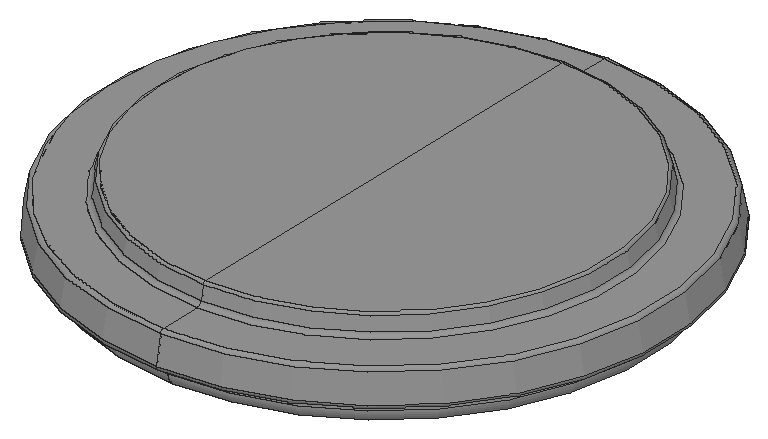
Revit family "FMK12_63_UN_Surface-mounted_ETK", category Lighting Fixtures, Revit 2017 (continued)
Definition of nested family "FMK.1 - Lightsource"
  Types (13, lengths in mm): name | Wattage Comments | Photometric Web File | built-in parameter 1150142 | Apparent Load
    FMK.1239.10N - Ø300x40 / 18W | "18W" | "FMK.1239.10n.ies" | "IESNA:LM-63-2002\r\n[TEST] /2014\r\n[TESTLAB] ies2eulumdat.appspot.com\r\n[ISSUEDATE] 2021-06-16T09:02:18.810\r\n[MANUFAC] www.etk.nl\r\n[LUMCAT] FMK.1209.10\r\n[LUMINAIRE] FMK.1 LED 18W 3000/4000/5700K ø300 niet dimbaar\r\n[LAMPCAT] LED\r\n[LAMP] LED\r\nTILT=NONE\r\n1\t1710\t1\t46\t180\t1\t2\t-0.300\t-0.300\t0\r\n1.0\t1.0\t18.30\r\n0\t 2\t 4\t 6\t 8\t 10\t 12\t 14\t 16\t 18\r\n20\t 22\t 24\t 26\t 28\t 30\t 32\t 34\t 36\t 38\r\n40\t 42\t 44\t 46\t 48\t 50\t 52\t 54\t 56\t 58\r\n60\t 62\t 64\t 66\t 68\t 70\t 72\t 74\t 76\t 78\r\n80\t 82\t 84\t 86\t 88\t 90\r\n0\t 2\t 4\t 6\t 8\t 10\t 12\t 14\t 16\t 18\r\n20\t 22\t 24\t 26\t 28\t 30\t 32\t 34\t 36\t 38\r\n40\t 42\t 44\t 46\t 48\t 50\t 52\t 54\t 56\t 58\r\n60\t 62\t 64\t 66\t 68\t 70\t 72\t 74\t 76\t 78\r\n80\t 82\t 84\t 86\t 88\t 90\t 92\t 94\t 96\t 98\r\n100\t 102\t 104\t 106\t 108\t 110\t 112\t 114\t 116\t 118\r\n120\t 122\t 124\t 126\t 128\t 130\t 132\t 134\t 136\t 138\r\n140\t 142\t 144\t 146\t 148\t 150\t 152\t 154\t 156\t 158\r\n160\t 162\t 164\t 166\t 168\t 170\t 172\t 174\t 176\t 178\r\n180\t 182\t 184\t 186\t 188\t 190\t 192\t 194\t 196\t 198\r\n200\t 202\t 204\t 206\t 208\t 210\t 212\t 214\t 216\t 218\r\n220\t 222\t 224\t 226\t 228\t 230\t 232\t 234\t 236\t 238\r\n240\t 242\t 244\t 246\t 248\t 250\t 252\t 254\t 256\t 258\r\n260\t 262\t 264\t 266\t 268\t 270\t 272\t 274\t 276\t 278\r\n280\t 282\t 284\t 286\t 288\t 290\t 292\t 294\t 296\t 298\r\n300\t 302\t 304\t 306\t 308\t 310\t 312\t 314\t 316\t 318\r\n320\t 322\t 324\t 326\t 328\t 330\t 332\t 334\t 336\t 338\r\n340\t 342\t 344\t 346\t 348\t 350\t 352\t 354\t 356\t 358\r\n\r\n604.9325\t603.2919\t601.6514\t598.9367\t595.1481\t591.3474\t584.4074\t577.4673\t570.5271\t563.5989\r\n556.6589\t546.0716\t535.4844\t524.9091\t514.322\t503.7347\t489.8782\t476.0098\t462.1414\t448.2731\r\n434.4164\t417.5148\t400.6012\t383.6995\t366.7979\t349.8961\t330.7164\t311.5251\t292.3454\t273.1539\r\n253.9742\t234.7827\t215.6031\t196.4116\t177.2319\t158.0404\t0\t0\t0\t0\r\n0\t0\t0\t0\t0\t0\r\n604.9325\t603.303\t601.6736\t598.9672\t595.1776\t591.371\t584.4474\t577.518\t570.5942\t563.6772\r\n556.7804\t546.2089\t535.6382\t525.0562\t514.4711\t503.9096\t490.0793\t476.249\t462.4177\t448.5869\r\n434.7567\t417.8553\t400.9346\t384.014\t367.0954\t350.1887\t331.0138\t311.8383\t292.6629\t273.4839\r\n254.309\t235.1337\t215.9576\t196.7709\t177.5953\t158.8079\t0.4083\t0\t0\t0\r\n0\t0\t0\t0\t0\t0\r\n604.9325\t603.316\t601.6989\t599.0015\t595.1958\t591.3698\t584.4843\t577.5711\t570.6711\t563.7586\r\n556.8947\t546.3551\t535.7596\t525.1644\t514.5799\t504.0319\t490.2428\t476.4007\t462.5425\t448.6943\r\n434.9048\t418.0625\t401.1696\t384.2789\t367.3894\t350.5392\t331.4019\t312.225\t293.0468\t273.8823\r\n254.7052\t235.5402\t216.3663\t197.1991\t178.024\t160.3893\t1.6616\t0\t0\t0\r\n0\t0\t0\t0\t0\t0\r\n604.9325\t603.3306\t601.7275\t599.0433\t595.2312\t591.4156\t584.5657\t577.6625\t570.7544\t563.8431\r\n557.0019\t546.5201\t535.9272\t525.353\t514.7657\t504.264\t490.5226\t476.6557\t462.7667\t448.8924\r\n435.124\t418.3554\t401.4707\t384.5722\t367.6697\t350.8303\t331.7467\t312.5747\t293.4071\t274.2312\r\n255.0699\t235.9111\t216.7553\t197.6045\t178.4467\t162.6446\t3.8393\t0\t0\t0\r\n0\t0\t0\t0\t0\t0\r\n604.9325\t603.3467\t601.7784\t599.0852\t595.2744\t591.4839\t584.6789\t577.7818\t570.8609\t563.9373\r\n557.1543\t546.7354\t536.1372\t525.529\t514.8988\t504.4471\t490.789\t476.9063\t463.0292\t449.1418\r\n435.4474\t418.7539\t401.8361\t384.8952\t367.9622\t351.1523\t332.1531\t312.9933\t293.8363\t274.6741\r\n255.5041\t236.3482\t217.1967\t198.0491\t178.904\t165.4825\t7.0717\t0\t0\t0\r\n0\t0\t0\t0\t0\t0\r\n604.9325\t603.3646\t601.8109\t599.1301\t595.3254\t591.5822\t584.8149\t577.9154\t571.003\t564.0375\r\n557.2822\t546.9546\t536.3271\t525.6894\t515.0537\t504.6554\t491.1358\t477.2379\t463.3307\t449.4155\r\n435.7478\t419.1745\t402.2081\t385.2544\t368.2909\t351.5211\t332.6242\t313.4509\t294.2734\t275.1156\r\n255.9625\t236.8063\t217.6543\t198.5095\t179.3715\t168.6886\t11.5411\t0\t0\t0\r\n0\t0\t0\t0\t0\t0\r\n604.9325\t603.3841\t601.8434\t599.178\t595.3834\t591.6781\t584.976\t578.0752\t571.1133\t564.0963\r\n557.383\t547.1909\t536.5313\t525.8766\t515.2136\t504.8691\t491.4968\t477.5392\t463.5748\t449.6118\r\n435.9498\t419.5755\t402.6015\t385.6298\t368.6616\t351.9183\t333.1605\t313.9425\t294.7654\t275.5923\r\n256.4278\t237.2774\t218.1312\t198.9956\t179.8672\t172.0139\t17.4822\t0\t0\t0\r\n0\t0\t0\t0\t0\t0\r\n604.9325\t603.4053\t601.8759\t599.2285\t595.4497\t591.7812\t585.1731\t578.2085\t571.1927\t564.1664\r\n557.4629\t547.4497\t536.7769\t526.0887\t515.3685\t505.002\t491.8629\t477.8739\t463.8657\t449.8384\r\n436.2083\t420.1244\t403.1335\t386.0845\t369.0368\t352.2643\t333.7051\t314.4923\t295.2823\t276.0978\r\n256.9176\t237.7601\t218.6225\t199.4936\t180.379\t175.1597\t25.1927\t0\t0\t0\r\n0\t0\t0\t0\t0\t0\r\n604.9325\t603.4593\t601.9085\t599.2738\t595.5244\t591.9079\t585.3373\t578.316\t571.3136\t564.2514\r\n557.5412\t547.753\t537.0529\t526.317\t515.5469\t505.1567\t492.6884\t478.2212\t464.1752\t450.1642\r\n436.1336\t421.0943\t403.6156\t386.5209\t369.432\t352.3337\t334.5504\t315.0513\t295.836\t276.637\r\n257.4544\t238.29\t219.1493\t200.0199\t180.9108\t177.7292\t35.0259\t0\t0\t0\r\n0\t0\t0\t0\t0\t0\r\n604.9325\t603.4826\t601.941\t599.3319\t595.6075\t591.9952\t585.4602\t578.4838\t571.4702\t564.333\r\n557.6055\t548.1073\t537.3696\t526.5928\t515.7384\t504.8144\t493.0694\t478.6336\t464.5307\t450.3943\r\n436.2933\t421.64\t404.1436\t386.9492\t369.8193\t352.7072\t335.1677\t315.6771\t296.4365\t277.212\r\n258.007\t238.8258\t219.6743\t200.5397\t181.4425\t179.2574\t47.3991\t0\t0\t0\r\n0\t0\t0\t0\t0\t0\r\n604.9325\t603.5064\t601.9734\t599.3945\t595.7161\t592.0648\t585.6584\t578.7119\t571.6053\t564.412\r\n557.2136\t548.9435\t537.7363\t526.8513\t515.8959\t504.8997\t493.4258\t478.9823\t464.8596\t450.6873\r\n436.4267\t422.0138\t404.7199\t387.5204\t370.3217\t353.0976\t335.7436\t316.324\t297.0385\t277.7912\r\n258.567\t239.3682\t220.2087\t201.0815\t181.9832\t162.9148\t98.4026\t0\t0\t0\r\n0\t0\t0\t0\t0\t0\r\n604.9325\t603.5306\t602.0055\t599.4612\t595.8018\t592.0844\t585.9012\t578.9142\t571.7274\t564.5615\r\n557.281\t549.3317\t538.103\t527.1296\t516.0869\t504.9399\t493.7098\t479.4734\t465.2005\t450.9492\r\n436.7405\t422.5771\t405.4099\t388.0744\t370.7796\t353.4924\t336.2684\t316.9931\t297.6847\t278.4178\r\n259.1782\t239.9648\t220.7735\t201.6345\t182.5343\t163.481\t113.7595\t0\t0\t0\r\n0\t0\t0\t0\t0\t0\r\n604.9325\t603.5554\t602.0217\t599.532\t595.8866\t592.1561\t586.588\t579.0795\t571.9261\t564.708\r\n557.356\t549.6474\t538.4927\t527.425\t516.249\t505.0832\t494.0234\t479.9866\t465.7575\t451.3805\r\n437.0064\t422.8844\t406.0364\t388.6721\t371.3233\t353.9575\t336.8059\t317.7551\t298.3731\t279.0511\r\n259.7888\t240.5534\t221.3703\t202.2241\t183.1196\t164.0583\t128.3143\t0\t0\t0\r\n0\t0\t0\t0\t0\t0\r\n604.9325\t603.5809\t602.0558\t599.618\t595.9723\t592.2358\t586.8402\t579.3172\t572.1843\t564.8477\r\n557.415\t549.9086\t538.9015\t527.7199\t516.5471\t505.2607\t494.2777\t480.6872\t466.1976\t451.7399\r\n437.252\t422.7612\t407.2466\t389.4272\t371.966\t354.4582\t337.2243\t318.5243\t299.1108\t279.742\r\n260.4244\t241.1781\t221.9657\t202.8103\t183.7099\t164.6491\t141.3505\t0\t0\t0\r\n0\t0\t0\t0\t0\t0\r\n604.9325\t603.6071\t602.0912\t599.6912\t596.0451\t591.9798\t587.0148\t579.6483\t572.4109\t565.0026\r\n557.4889\t550.099\t539.3311\t528.166\t516.8776\t505.53\t494.0643\t481.5955\t466.7489\t452.2129\r\n437.6254\t423.0444\t408.0517\t390.1803\t372.5893\t355.0126\t337.4403\t319.5246\t299.8803\t280.4737\r\n261.1232\t241.8179\t222.5739\t203.4066\t184.3006\t165.2486\t152.0665\t0\t0\t0\r\n0\t0\t0\t0\t0\t0\r\n604.9325\t603.6338\t602.1279\t599.7642\t596.2915\t592.06\t587.2479\t579.9651\t572.6275\t565.1743\r\n557.5912\t550.1482\t539.9086\t528.6542\t517.2707\t505.7657\t494.0884\t482.1911\t467.4123\t452.7044\r\n438.0073\t423.2908\t408.632\t391.0308\t373.3713\t355.5458\t337.8389\t320.2515\t300.7003\t281.2121\r\n261.8325\t242.4922\t223.2123\t204.0069\t184.8961\t165.8551\t159.6039\t13.1538\t0\t0\r\n0\t0\t0\t0\t0\t0\r\n604.9325\t603.6611\t602.1659\t599.8376\t596.4054\t592.1391\t587.4977\t580.2805\t572.8868\t565.3787\r\n557.6678\t549.7361\t540.9527\t529.1771\t517.6731\t506.0008\t494.2758\t482.6381\t468.0299\t453.2316\r\n438.4194\t423.5879\t409.1603\t391.9077\t373.8445\t355.9972\t338.2732\t320.7969\t301.5855\t282.0214\r\n262.5566\t243.1786\t223.8823\t204.6641\t185.522\t166.4516\t162.8905\t31.8043\t0\t0\r\n0\t0\t0\t0\t0\t0\r\n604.9325\t603.6892\t602.2049\t599.908\t596.5241\t592.1992\t587.8004\t580.5758\t573.1764\t565.6227\r\n557.7326\t549.8042\t541.4288\t529.7323\t518.1144\t506.3438\t494.4987\t482.7908\t468.7329\t453.8508\r\n438.9175\t423.9507\t408.6493\t392.7359\t374.5174\t356.6496\t338.8317\t321.0335\t302.7194\t282.8805\r\n263.3626\t243.9028\t224.5481\t205.3141\t186.1662\t167.0952\t148.1118\t88.6377\t0\t0\r\n0\t0\t0\t0\t0\t0\r\n604.9325\t603.7179\t602.2449\t599.981\t596.652\t592.2995\t588.0109\t580.9296\t573.5102\t565.8506\r\n557.9219\t549.8881\t541.7121\t530.3743\t518.611\t506.7558\t494.6717\t482.47\t469.828\t454.5537\r\n439.4245\t424.0109\t408.6349\t393.3735\t375.3775\t357.3866\t339.435\t321.5173\t303.5607\t283.7689\r\n264.1651\t244.6733\t225.2874\t205.9828\t186.7886\t167.711\t148.7442\t112.1139\t0\t0\r\n0\t0\t0\t0\t0\t0\r\n604.9325\t603.7473\t602.2856\t600.0568\t596.7719\t592.4179\t588.1719\t581.3183\t573.9078\t566.0743\r\n558.1389\t549.9635\t541.9262\t531.0335\t519.2162\t507.1698\t494.9265\t482.6333\t470.329\t455.2483\r\n439.8147\t424.3822\t408.9232\t393.7403\t376.3501\t358.2294\t340.1252\t322.0395\t304.2025\t284.7408\r\n265.0668\t245.4539\t225.9736\t206.6463\t187.4435\t168.3603\t149.3849\t130.4101\t0\t0\r\n0\t0\t0\t0\t0\t0\r\n604.9325\t603.7776\t602.3343\t600.133\t596.8924\t592.5514\t588.2573\t582.1028\t574.2915\t566.3966\r\n558.3966\t550.0391\t541.4961\t532.1224\t519.854\t507.633\t495.3114\t482.8481\t470.4815\t456.3368\r\n440.5157\t424.9232\t409.2495\t393.6295\t377.6559\t359.1366\t340.8577\t322.656\t304.5206\t285.931\r\n265.9183\t246.2694\t226.7385\t207.3469\t188.0877\t168.9899\t150.0335\t142.1012\t0.9237\t0\r\n0\t0\t0\t0\t0\t0\r\n604.9325\t603.8087\t602.2411\t600.2093\t597.0138\t592.7089\t587.9814\t582.506\t574.6544\t566.7889\r\n558.6686\t550.1973\t541.4544\t532.5851\t520.5561\t508.2392\t495.7924\t483.0495\t470.1335\t457.1163\r\n441.3228\t425.5219\t409.7509\t393.9106\t378.232\t360.1469\t341.7391\t323.3504\t304.9773\t286.7673\r\n266.8982\t247.1147\t227.4881\t208.0586\t188.7792\t169.6606\t150.6879\t131.866\t21.4679\t0\r\n0\t0\t0\t0\t0\t0\r\n604.9325\t603.8407\t602.2844\t600.2854\t597.1426\t592.8591\t588.0729\t582.907\t575.0998\t567.2089\r\n558.9621\t550.3823\t541.4848\t532.7997\t521.7716\t508.9483\t496.2748\t483.3245\t470.3834\t457.4768\r\n442.2022\t426.336\t410.3521\t394.239\t378.1528\t361.5855\t342.6871\t324.0744\t305.6064\t287.3619\r\n267.8645\t248.0216\t228.3498\t208.8257\t189.4682\t170.3025\t151.3323\t132.5387\t80.029\t0\r\n0\t0\t0\t0\t0\t0\r\n604.9325\t603.8733\t602.3299\t600.3607\t597.2661\t593.1545\t588.1843\t583.2018\t575.6055\t567.6783\r\n559.3106\t550.6007\t541.5686\t532.3163\t522.4808\t509.7479\t496.8485\t483.8597\t470.6669\t457.2136\r\n443.4699\t427.2526\t410.9944\t394.713\t378.4457\t362.2796\t343.7493\t325.0072\t306.2591\t287.6577\r\n269.0839\t249.009\t229.1809\t209.5733\t190.2093\t170.9954\t151.9889\t133.1871\t107.1195\t0\r\n0\t0\t0\t0\t0\t0\r\n604.9325\t603.907\t602.3776\t600.435\t597.3875\t593.3208\t588.3223\t583.4193\t576.5313\t568.1743\r\n559.709\t550.8685\t541.7588\t532.2517\t522.878\t510.5737\t497.5582\t484.484\t471.0737\t457.3263\r\n443.9663\t428.2466\t411.8005\t395.3788\t378.7305\t362.2173\t345.2416\t325.9593\t307.1037\t288.3016\r\n269.7515\t250.003\t230.1332\t210.3898\t190.9169\t171.6613\t152.6389\t133.8373\t123.7799\t0\r\n0\t0\t0\t0\t0\t0\r\n604.9325\t603.9123\t602.428\t600.501\t597.5056\t593.4861\t588.4837\t583.5425\t577.0344\t568.7101\r\n560.1512\t551.1686\t541.9813\t532.3519\t522.4772\t511.7762\t498.5257\t485.22\t471.4735\t457.7046\r\n443.7031\t429.415\t412.8677\t396.0261\t379.2618\t362.4764\t345.8916\t327.1753\t308.035\t288.9915\r\n270.1463\t251.2322\t231.0663\t211.2373\t191.6472\t172.3408\t153.2921\t134.4874\t115.9236\t9.2138\r\n0\t0\t0\t0\t0\t0\r\n604.9325\t603.9481\t602.4812\t600.5742\t597.6202\t593.653\t588.668\t583.3077\t577.4581\t569.2983\r\n560.6533\t551.5767\t542.2042\t532.5113\t522.3616\t512.2177\t499.5876\t486.0776\t472.1462\t458.1519\r\n443.8695\t429.876\t414.2071\t396.917\t379.9187\t362.8675\t345.8321\t328.6051\t309.1102\t289.916\r\n270.7523\t251.9617\t232.0644\t212.1103\t192.4343\t173.0323\t153.9173\t135.1018\t116.562\t65.7955\r\n0\t0\t0\t0\t0\t0\r\n604.9325\t603.9852\t602.5371\t600.6467\t597.73\t593.8172\t588.8736\t583.4583\t577.7772\t570.2819\r\n561.2111\t552.1325\t542.5577\t532.7343\t522.3727\t511.8663\t500.9199\t486.9213\t472.9747\t458.7217\r\n444.2496\t429.5691\t414.7964\t398.0122\t380.7816\t363.4509\t346.0825\t328.8111\t310.4213\t290.8883\r\n271.5384\t252.3269\t233.2419\t213.0364\t193.2161\t173.736\t154.5864\t135.7567\t117.2044\t96.1475\r\n0\t0\t0\t0\t0\t0\r\n604.9325\t604.0236\t602.596\t600.7186\t597.8194\t593.9774\t589.2292\t583.6201\t577.9865\t570.7992\r\n561.8256\t552.71\t543.0652\t533.0169\t522.502\t511.8678\t501.241\t488.4687\t473.9436\t459.4936\r\n444.832\t429.7247\t414.7044\t399.4139\t381.8032\t364.1979\t346.6042\t329.0336\t311.6354\t292.1036\r\n272.4601\t253.0354\t233.7628\t214.0337\t194.1035\t174.5269\t155.255\t136.3516\t117.8305\t109.9048\r\n0\t0\t0\t0\t0\t0\r\n604.9325\t604.0637\t602.658\t600.789\t597.9215\t594.1325\t589.4529\t583.8272\t577.7627\t571.1951\r\n562.8118\t553.2917\t543.6239\t533.3822\t522.7915\t511.9619\t500.5541\t489.0998\t475.0948\t460.4654\r\n445.4767\t430.3017\t414.8994\t399.3696\t383.2919\t365.1943\t347.3191\t329.4129\t311.6006\t293.6303\r\n273.6308\t253.85\t234.3543\t215.1938\t195.0532\t175.2777\t155.9455\t136.9913\t118.4168\t100.2246\r\n10.9351\t0\t0\t0\t0\t0\r\n604.9325\t604.1049\t602.7234\t600.8579\t598.021\t594.2782\t589.6773\t584.0732\t577.9255\t571.4711\r\n563.458\t554.0039\t544.2463\t533.8777\t523.2306\t512.1995\t500.5102\t488.6583\t476.4436\t461.6248\r\n446.3237\t431.0595\t415.3954\t399.5376\t383.6965\t366.7259\t348.2364\t330.1152\t311.8732\t293.8363\r\n275.1387\t254.8952\t235.1611\t215.6652\t196.0554\t176.1444\t156.6456\t137.594\t119.0254\t100.8532\r\n68.8785\t0\t0\t0\t0\t0\r\n604.9325\t604.3797\t602.795\t600.7955\t598.1176\t594.4184\t589.9421\t584.4807\t578.1293\t571.2717\r\n564.0225\t555.1365\t544.9684\t534.4889\t523.7521\t512.5133\t500.6805\t488.5879\t476.1182\t463.0735\r\n447.6366\t431.9684\t416.1152\t399.9456\t383.6989\t367.3767\t349.5599\t330.9731\t312.5046\t294.0321\r\n275.9095\t256.218\t236.1048\t216.3684\t197.0093\t177.0397\t157.4158\t138.2701\t119.6169\t101.4035\r\n91.2126\t0\t0\t0\t0\t0\r\n604.9325\t604.4205\t602.8672\t600.8728\t598.211\t594.5549\t590.1569\t584.7672\t578.3807\t571.4627\r\n564.3113\t555.8405\t545.7988\t535.2615\t524.3877\t512.92\t501.0143\t488.7096\t476.0305\t462.7583\r\n449.2912\t433.217\t417.0958\t400.713\t384.1708\t367.2088\t350.6545\t332.2272\t313.392\t294.5441\r\n275.8683\t257.4578\t237.4149\t217.2362\t197.4869\t178.1427\t158.2694\t138.9226\t120.2106\t101.9885\r\n84.2445\t0\t0\t0\t0\t0\r\n604.9325\t604.4609\t602.9426\t600.9571\t598.301\t594.685\t590.3595\t585.0141\t578.795\t571.7158\r\n564.1432\t556.2603\t546.8908\t536.205\t525.1774\t513.5407\t501.5676\t489.0287\t476.1442\t462.6532\r\n448.9921\t434.8922\t418.416\t401.8982\t384.7929\t367.6136\t350.3325\t333.3151\t314.6323\t295.4577\r\n276.336\t257.5068\t238.7779\t218.4036\t198.3424\t178.728\t159.174\t139.7342\t120.8004\t102.4847\r\n84.7775\t45.5539\t0\t0\t0\t0\r\n604.9325\t604.5006\t603.0216\t601.0606\t598.3865\t594.8079\t590.54\t585.2417\t579.0807\t572.1467\r\n564.4011\t556.1409\t547.4037\t537.4374\t526.1369\t514.3405\t502.2658\t489.5783\t476.4823\t462.9105\r\n448.8591\t434.6232\t420.0685\t403.4046\t385.7751\t368.4205\t350.8718\t333.1656\t315.607\t296.8929\r\n277.2305\t257.8752\t238.7581\t219.918\t199.4756\t179.4703\t160.1376\t140.5119\t121.4449\t103.0157\r\n85.2703\t74.215\t0\t0\t0\t0\r\n604.9325\t604.5394\t603.1042\t601.1584\t598.3492\t594.9234\t590.7019\t585.451\t579.3531\t572.4943\r\n564.7651\t556.3877\t547.3688\t538.0224\t527.3866\t515.3535\t503.115\t490.3931\t476.9994\t463.303\r\n449.0547\t434.4994\t419.6921\t404.5604\t387.5106\t369.5539\t351.7313\t333.6797\t315.5431\t297.2741\r\n278.797\t258.7661\t239.2377\t219.9717\t200.9556\t180.5254\t160.6648\t141.5044\t122.1648\t103.5896\r\n85.7592\t68.6221\t0\t0\t0\t0\r\n604.9325\t604.5773\t603.1902\t601.2632\t598.4516\t595.0092\t590.8464\t585.643\t579.6101\t572.8202\r\n565.325\t556.7647\t547.6995\t538.0024\t527.9437\t516.6478\t504.4938\t491.4266\t477.8344\t463.9221\r\n449.6332\t434.78\t419.7115\t403.8594\t387.7921\t371.4508\t353.0947\t334.6903\t316.1395\t297.631\r\n278.8793\t260.2808\t240.1353\t220.3427\t201.0312\t181.9801\t161.6499\t142.0644\t123.0333\t104.2161\r\n86.2409\t69.0879\t15.2173\t0\t0\t0\r\n604.9325\t604.6141\t603.2798\t601.3757\t598.5679\t594.9853\t590.9493\t585.8192\t579.8489\t573.1198\r\n565.7109\t557.3403\t548.3007\t538.393\t527.9435\t517.2634\t505.3927\t492.933\t478.9816\t464.8927\r\n450.474\t435.4187\t420.1142\t403.9636\t387.6809\t371.1777\t354.5307\t336.6039\t317.3934\t298.4472\r\n279.3102\t260.28\t241.3379\t221.3309\t201.4226\t182.0109\t163.0786\t142.9823\t123.7395\t104.974\r\n86.81\t69.5539\t58.969\t0\t0\t0\r\n604.9325\t604.6498\t603.6043\t601.4957\t598.6984\t595.1135\t590.9331\t585.9739\t580.0893\t573.3916\r\n566.0512\t557.7504\t548.7954\t539.0648\t528.4009\t517.3472\t505.5605\t493.6743\t480.4541\t466.4352\r\n451.5987\t436.4298\t420.8587\t404.6187\t388.0855\t371.2381\t354.0167\t336.6193\t319.1551\t299.9255\r\n280.4523\t260.8892\t241.3921\t222.136\t202.5984\t182.4131\t163.0718\t144.3638\t124.5764\t105.7842\r\n87.4272\t70.0349\t53.7077\t0\t0\t0\r\n604.9325\t604.6844\t603.6946\t601.6237\t598.8432\t595.2649\t591.0743\t585.9936\t580.2878\t573.6051\r\n566.3212\t558.1173\t549.2219\t539.5715\t529.1248\t518.0448\t506.0844\t493.7649\t480.7344\t467.3507\r\n453.0676\t438.029\t422.0569\t405.7673\t388.9954\t371.8917\t354.386\t336.673\t318.7419\t300.4149\r\n282.1798\t262.3184\t242.4052\t222.5131\t202.8279\t183.5184\t163.5632\t144.26
